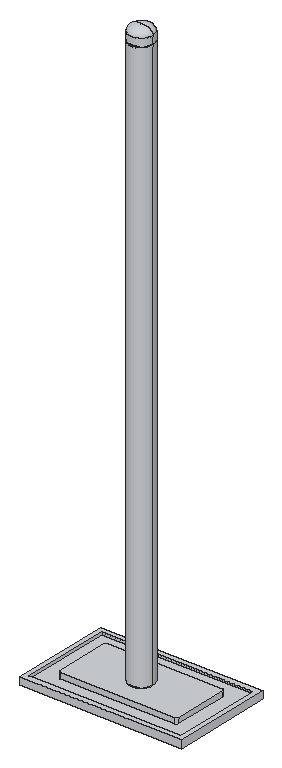
Revit family "RRPOSTM-SPCBP", category Generic Models, Revit 2018
Family settings
  Can host rebar = No
  Round Connector Dimension = Use Diameter
  Part Type = Normal
  Work Plane-Based = Yes
  Always vertical = No
  Cut with Voids When Loaded = No
  Shared = Yes
  Room Calculation Point = No
Parameters (values of type "RRPOSTM30460-SPCBP")
  Ship Complete Level [instance] = ""
  Required Date [instance] = ""
  Post Plate Height = 0.500"
  Post Height = Height - (Cap Height + Post Plate Height)  # 58.000"
  Patent Information = "10495237, 10,697,562, 10,844,978, 11,262,000"
  Job [instance] = ""
  Height = 60.000"
  Group/Run [instance] = ""
  Diameter = 2.380"
  Description = "One Roof Top Post Mount  2 Inch Schedule 40 Pipe 304 w/ 6 Inch X 12 Inch Base 304 60 Inch High"
  Default Elevation = 48.000"
  Custom [instance] = ""
  Catalog Number = "RRPOSTM30460-SPCBP"
  Cap Height = 1.500"
  Assembly Name [instance] = ""
  Assembly ID [instance] = ""
Types (3): name | Post Height | Height | Description | Catalog Number
  RRPOSTM30448-SPCBP | 46.000" | 48.000" | "One Roof Top Post Mount  2 Inch Schedule 40 Pipe 304 w/ 6 Inch X 12 Inch Base 304 48 Inch High" | "RRPOSTM30436-SPCBP"
  RRPOSTM30460-SPCBP | 58.000" | 60.000" | "One Roof Top Post Mount  2 Inch Schedule 40 Pipe 304 w/ 6 Inch X 12 Inch Base 304 60 Inch High" | "RRPOSTM30460-SPCBP"
  RRPOSTM30436-SPCBP | 34.000" | 36.000" | "One Roof Top Post Mount  2 Inch Schedule 40 Pipe 304 w/ 6 Inch X 12 Inch Base 304 36 Inch High" | "RRPOSTM30436-SPCBP"
Reference planes (in)
  plane 1 "Center (Front/Back)": y = 0
  plane 2: z = 0
  plane 3 "Center (Left/Right)": x = 0
  plane 4 "Post Right": x = 1.19
  plane 5 "Post Left": x = -1.19
  plane 6 "Post Top": z = 59
  plane 7 "Base Top": z = 1
  plane 8 "Top": z = 60.5
  plane 9 "Pad Top": z = 0.5
Dimensions and locks (in)
  "Diameter": plane 5 "Post Left" to plane 4 "Post Right"
  equal spacing: plane 5 "Post Left", plane 3 "Center (Left/Right)", plane 4 "Post Right"
  "Height": plane 8 "Top" to plane 9 "Pad Top"
  "Cap Height": plane 8 "Top" to plane 6 "Post Top"
  locked: plane 9 "Pad Top" to plane 2 at 0.5
  aligned and locked: level to plane 2
Nested families (in)
  nested 1: "RMCAP" at (0, 0, 59), type "RMCAP304"
  nested 2: "WP-CDT-POL-POST-304" at (0, 0, 1), type "WP-CDT-POL-POST-304"
    with Post Material none, Post Height 58.000"
  nested 3: "RMPOSTBASEBIG" at (0, 0, 0.5), type "RMPOSTBASEBIG"
  nested 4: "RRROOFPOSTPAD1" at (0, 0, 0), type "RRROOFPOSTPAD1"
Definition of nested family "RMCAP"
  Parameters (values of type "RMCAP")
    Description = "Rocket Post Cap"
    Catalog Number = "RMCAP"
    Cap Material = none
    Default Elevation = 48.000"
    Cap Height = 1.500"
    Cap Diameter = 2.380"
  Reference planes (in)
    plane 1 "Center (Front/Back)": y = 0
    plane 2: z = 0
    plane 3 "Center (Left/Right)": x = 0
    plane 4 "Right": x = 1.19
    plane 5 "Left": x = -1.19
    plane 6 "Top": z = 1.5
  Forms (in)
    Revolve 1, solid, material <- "Cap Material"
      sketch origin (0, 0, 0) x (1, 0, 0) y (0, 0, 1)
        loop
          line (1.13, 0) -> (1.19, 0.06) -> (1.19, 0.83)
          spline (1.19, 0.83) -> (1.17982, 0.91745) -> (1.14945, 1.00341) -> (1.09942, 1.0864) -> (1.03057, 1.165) -> (0.94409, 1.23787) -> (0.84146, 1.30376) -> (0.72443, 1.36155) -> (0.595, 1.41024) -> (0.45539, 1.449) -> (0.30799, 1.47717) -> (0.15533, 1.49427) -> (0, 1.5)
          line (0, 1.5) -> (0, 1.39)
          spline (0, 1.39) -> (0.14716, 1.38445) -> (0.29152, 1.36818) -> (0.43036, 1.34172) -> (0.56099, 1.30563) -> (0.6808, 1.26059) -> (0.78749, 1.20791) -> (0.879, 1.14915) -> (0.95377, 1.08625) -> (1.01072, 1.02124) -> (1.05013, 0.95614) -> (1.07278, 0.89248) -> (1.08, 0.83)
          line (1.08, 0.83) -> (1.08, 0) -> (1.13, 0)
        axis (0, 1.5) -> (0, 0)
      angle from 0 to 360
  Dimensions and locks (in)
    "Cap Diameter": plane 5 "Left" to plane 4 "Right"
    equal spacing: plane 5 "Left", plane 3 "Center (Left/Right)", plane 4 "Right"
    locked: plane 4 "Right" to Revolve 1 sketch curve at 0.11
    "Cap Height": plane 6 "Top" to plane 2
    locked: plane 6 "Top" to Revolve 1 sketch curve at 0.11
    aligned and locked: level to plane 2
    aligned and locked: plane 4 "Right" to Revolve 1 sketch curve
    aligned and locked: plane 6 "Top" to Revolve 1 sketch curve
  Automatic sketch dimensions
    Revolve 1 sketch curve to plane 5 "Left" = 0.000"
    Revolve 1 sketch curve to plane 3 "Center (Left/Right)" = 0.000"
    Revolve 1 sketch curve to level = 0.000"
    Revolve 1 sketch curve to Revolve 1 sketch curve = 0.050"
    level to Revolve 1 sketch curve = 0.060"
    Revolve 1 sketch curve to Revolve 1 sketch curve = 0.000"
    Revolve 1 sketch curve to Revolve 1 sketch curve = 0.560"
    Revolve 1 sketch curve to level = 0.500"
    Revolve 1 sketch curve to Revolve 1 sketch curve = 0.080"
Definition of nested family "WP-CDT-POL-POST-304"
  Parameters (values of type "WP-CDT-POL-POST-304")
    Post Diameter = 2.380"
    Post Material [instance] = none
    Post Height = 10.250"
    Description = "Rocket Post Pipe"
    Default Elevation = 48.000"
    Catalog Number = "WP-CDT-POL-POST-304"
  Reference planes (in)
    plane 1 "Center (Front/Back)": y = 0
    plane 2: z = 0
    plane 3 "Center (Left/Right)": x = 0
    plane 4 "Right": x = 1.19
    plane 5 "Left": x = -1.19
    plane 6 "Top": z = 10.25
  Forms (in)
    Revolve 1, solid
      sketch origin (0, 0, 0) x (1, 0, 0) y (0, 0, 1)
        loop
          line (0, 0) -> (1.13, 0) -> (1.19, 0.06) -> (1.19, 10.19) -> (1.13, 10.25) -> (0, 10.25) -> (0, 0)
        axis (0, 10.25) -> (0, 0)
      angle from 0 to 360
  Dimensions and locks (in)
    "Post Diameter": plane 5 "Left" to plane 4 "Right"
    equal spacing: plane 5 "Left", plane 3 "Center (Left/Right)", plane 4 "Right"
    "Post Height": plane 6 "Top" to plane 2
    locked: plane 6 "Top" to Revolve 1 sketch curve at 0.06
    locked: plane 4 "Right" to Revolve 1 sketch curve at 0.06  (x2)
    locked: Revolve 1 sketch curve to plane 2 at 0.06
    aligned and locked: level to plane 2
    aligned and locked: plane 6 "Top" to Revolve 1 sketch curve
    aligned and locked: Revolve 1 sketch curve to plane 4 "Right"
  Automatic sketch dimensions
    Revolve 1 sketch curve to plane 3 "Center (Left/Right)" = 0.000"  (x2)
    Revolve 1 sketch curve to level = 0.000"
    Revolve 1 sketch curve to level = 2.000"
    Revolve 1 sketch curve to Revolve 1 sketch curve = 2.500"
Definition of nested family "RMPOSTBASEBIG"
  Parameters (values of type "RMPOSTBASEBIG")
    Post Plate Width = 6.000"
    Post Plate Length = 12.000"
    Post Plate Height = 0.500"
    Description = "Rocket Roof Top Base Plate"
    Default Elevation = 48.000"
    Catalog Number = "RMPOSTBASEBIG"
    Base Material = none
  Reference planes (in)
    plane 1 "Center (Front/Back)": y = 0
    plane 2: z = 0
    plane 3 "Center (Left/Right)": x = 0
    plane 4 "Right": x = 6
    plane 5 "Left": x = -6
    plane 6 "Front": y = -3
    plane 7 "Back": y = 3
    plane 8 "Top": z = 0.5
  Forms (in)
    Extrusion 1, solid, material <- "Base Material"
      sketch origin (0, 0, 0) x (1, 0, 0) y (0, 1, 0)
        loop
          line (5.75, 3) -> (-5.75, 3)
          arc (-5.75, 3) -> (-5.92678, 2.92678) -> (-6, 2.75) r 0.25
          line (-6, 2.75) -> (-6, -2.75)
          arc (-6, -2.75) -> (-5.92678, -2.92678) -> (-5.75, -3) r 0.25
          line (-5.75, -3) -> (5.75, -3)
          arc (5.75, -3) -> (5.92678, -2.92678) -> (6, -2.75) r 0.25
          line (6, -2.75) -> (6, 2.75)
          arc (6, 2.75) -> (5.92678, 2.92678) -> (5.75, 3) r 0.25
      from 0 to 0.5
  Dimensions and locks (in)
    "Post Plate Length": plane 5 "Left" to plane 4 "Right"
    equal spacing: plane 5 "Left", plane 3 "Center (Left/Right)", plane 4 "Right"
    "Post Plate Width": plane 6 "Front" to plane 7 "Back"
    equal spacing: plane 6 "Front", plane 1 "Center (Front/Back)", plane 7 "Back"
    "Post Plate Height": plane 8 "Top" to plane 2
    aligned and locked: level to plane 2
    aligned and locked: Extrusion 1 sketch curve to plane 5 "Left"
    aligned and locked: plane 4 "Right" to Extrusion 1 sketch curve
    aligned and locked: Extrusion 1 to plane 8 "Top"
    aligned and locked: Extrusion 1 sketch curve to plane 6 "Front"
    aligned and locked: Extrusion 1 sketch curve to plane 7 "Back"
  Automatic sketch dimensions
    Extrusion 1 sketch curve to Extrusion 1 sketch curve = 0.250"  (x2)
    Extrusion 1 sketch curve to plane 4 "Right" = 0.250"  (x2)
Definition of nested family "RRROOFPOSTPAD1"
  Parameters (values of type "RRROOFPOSTPAD1")
    Pad Width = 10.125"
    Pad Length = 16.375"
    Pad Depth = 0.750"
    Description = "Rocket Roof Post Pad"
    Default Elevation = 48.000"
    Pad Material = none
    Catalog Number = "RRROOFPOSTPAD1"
  Reference planes (in)
    plane 1 "Center (Front/Back)": y = 0
    plane 2: z = 0
    plane 3 "Center (Left/Right)": x = 0
    plane 4 "Right": x = 8.1875
    plane 5 "Left": x = -8.1875
    plane 6 "Front": y = -5.0625
    plane 7 "Back": y = 5.0625
    plane 8 "Top": z = 0.75
  Forms (in)
    Extrusion 1, solid, material <- "Pad Material"
      sketch origin (0, 0, 0) x (1, 0, 0) y (0, 1, 0)
        loop
          line (8.1875, 5.0625) -> (-8.1875, 5.0625) -> (-8.1875, -5.0625) -> (8.1875, -5.0625) -> (8.1875, 5.0625)
      from 0 to 0.5
    Extrusion 2, solid, material <- "Pad Material"
      sketch origin (0, 0, 0) x (1, 0, 0) y (0, 1, 0)
        loop
          line (-8.1875, 5.0625) -> (-8.1875, -5.0625) -> (8.1875, -5.0625) -> (8.1875, 5.0625) -> (-8.1875, 5.0625)
        loop
          line (-7.6875, 4.5625) -> (-7.6875, -4.5625) -> (7.6875, -4.5625) -> (7.6875, 4.5625) -> (-7.6875, 4.5625)
      from 0.5 to 0.75
  Cuts and joins
    joined: Extrusion 1, Extrusion 2
  Dimensions and locks (in)
    "Pad Length": plane 5 "Left" to plane 4 "Right"
    equal spacing: plane 5 "Left", plane 3 "Center (Left/Right)", plane 4 "Right"
    "Pad Width": plane 6 "Front" to plane 7 "Back"
    equal spacing: plane 6 "Front", plane 1 "Center (Front/Back)", plane 7 "Back"
    "Pad Depth": plane 8 "Top" to plane 2
    locked: plane 5 "Left" to Extrusion 2 sketch curve at 0.5
    locked: Extrusion 2 sketch curve to plane 4 "Right" at 0.5
    locked: Extrusion 2 sketch curve to plane 7 "Back" at 0.5
    locked: plane 6 "Front" to Extrusion 2 sketch curve at 0.5
    aligned and locked: level to plane 2
    aligned and locked: Extrusion 1 sketch curve to plane 5 "Left"
    aligned and locked: plane 4 "Right" to Extrusion 1 sketch curve
    aligned and locked: plane 6 "Front" to Extrusion 1 sketch curve
    aligned and locked: Extrusion 1 sketch curve to plane 7 "Back"
    aligned and locked: plane 5 "Left" to Extrusion 2 sketch curve
    aligned and locked: Extrusion 2 sketch curve to plane 4 "Right"
    aligned and locked: plane 7 "Back" to Extrusion 2 sketch curve
    aligned and locked: Extrusion 2 sketch curve to plane 6 "Front"
    aligned and locked: Extrusion 2 to plane 8 "Top"
